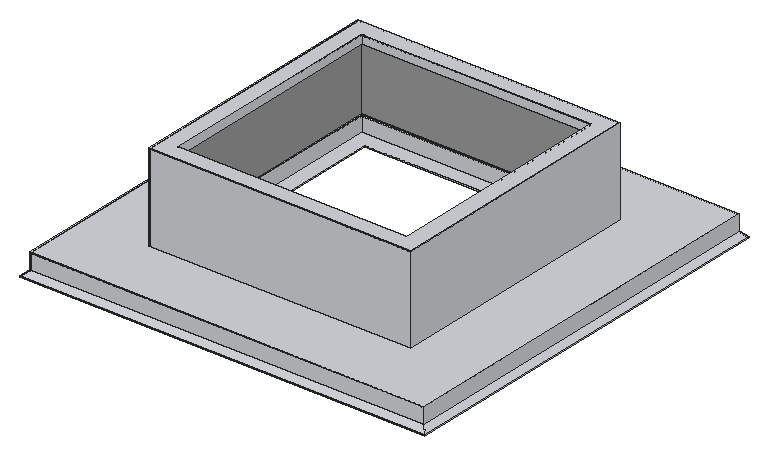
Revit family "FCA-1", category Mechanical Equipment, Revit 2015
Parameters
  URL = "https://unitedenertech.com/catalog/pdf/M_10%20FCA-1.pdf"
  Type Comments = "Consult Factory for Max. Sizes"
  Model = "FCA-1"
  Manufacturer = "United Enertech Corporation"
  Height = 0' - 10"
  Description = "Fan Curb Adapter"
  B Side Curb Top O.D. = 2' - 0"
  B Side Base I.D. = 3' - 0"
  A Side Curb Top O.D. = 2' - 0"
  A Side Base I.D. = 3' - 0"
Reference planes (in)
  plane 1 "Center (Front/Back)": y = 0
  plane 2: z = 0
  plane 3 "Center (Left/Right)": x = 0
  plane 4: x = -12
  plane 5: y = 12
  plane 6: y = -12
  plane 7: x = 12
  plane 8: y = 18
  plane 9: y = -18
  plane 10: x = -18
  plane 11: x = 18
  plane 12: z = 2
  plane 13: z = 10
  plane 14: z = 9.9522
  plane 15: z = 1.9522
  plane 16: z = 0.5
  plane 17: x = -10.5
  plane 18: y = 10.5
  plane 19: y = 18.0478
  plane 20: x = -18.0478
  plane 21: x = 10.5
  plane 22: y = -10.5
  plane 23: x = 18.0478
  plane 24: y = -18.0478
  plane 25: x = -11.9522
  plane 26: x = -10.5478
  plane 27: y = -10.5478
  plane 28: y = -11.9522
  plane 29: x = 11.9522
  plane 30: x = 10.5478
  plane 31: y = 10.5478
  plane 32: y = 11.9522
  plane 33: z = 9.2022
  plane 34: z = 3.4522
  plane 35: x = -10.375
  plane 36: x = -9
  plane 37: y = -10.375
  plane 38: y = -9
  plane 39: x = 10.375
  plane 40: x = 9
  plane 41: z = 2.0772
  plane 42: y = 10.375
  plane 43: y = 9
Forms (in)
  Sweep 1, solid
    path origin (0, 0, 0) x (1, 0, 0) y (0, 1, 0)
      loop
        line (-18.0478, -18.0478) -> (18.0478, -18.0478) -> (18.0478, 18.0478) -> (-18.0478, 18.0478) -> (-18.0478, -18.0478)
    profile origin (0, -18.0478, 0) x (0, 1, 0) y (0, 0, 1)
      loop
        line (-0.5, 0) -> (0, 0.5) -> (0, 0.56629) -> (-0.5, 0.06629) -> (-0.5, 0)
  Extrusion 2, solid
    sketch origin (0, 0, 0) x (1, 0, 0) y (0, 1, 0)
      loop
        line (-18.0478, -18.0478) -> (18.0478, -18.0478) -> (18.0478, 18.0478) -> (-18.0478, 18.0478) -> (-18.0478, -18.0478)
      loop
        line (-18, -18) -> (18, -18) -> (18, 18) -> (-18, 18) -> (-18, -18)
    from 0.5 to 1.9522
  Extrusion 3, solid
    sketch origin (0, 0, 0) x (1, 0, 0) y (0, 1, 0)
      loop
        line (-18.0478, -18.0478) -> (18.0478, -18.0478) -> (18.0478, 18.0478) -> (-18.0478, 18.0478) -> (-18.0478, -18.0478)
      loop
        line (-10.5, -10.5) -> (10.5, -10.5) -> (10.5, 10.5) -> (-10.5, 10.5) -> (-10.5, -10.5)
    from 1.9522 to 2
  Extrusion 4, solid
    sketch origin (0, 0, 0) x (1, 0, 0) y (0, 1, 0)
      loop
        line (-10.5, -10.5) -> (10.5, -10.5) -> (10.5, 10.5) -> (-10.5, 10.5) -> (-10.5, -10.5)
      loop
        line (-9, -9) -> (9, -9) -> (9, 9) -> (-9, 9) -> (-9, -9)
    from 1.9522 to 2.0772
  Extrusion 5, solid
    sketch origin (0, 0, 0) x (1, 0, 0) y (0, 1, 0)
      loop
        line (-10.5, 10.5) -> (-10.5, -10.5) -> (10.5, -10.5) -> (10.5, 10.5) -> (-10.5, 10.5)
      loop
        line (-10.375, 10.375) -> (-10.375, -10.375) -> (10.375, -10.375) -> (10.375, 10.375) -> (-10.375, 10.375)
    from 2.0772 to 3.4522
  Extrusion 6, solid
    sketch origin (0, 0, 0) x (1, 0, 0) y (0, 1, 0)
      loop
        line (-10.5478, -10.5478) -> (10.5478, -10.5478) -> (10.5478, 10.5478) -> (-10.5478, 10.5478) -> (-10.5478, -10.5478)
      loop
        line (-10.5, -10.5) -> (10.5, -10.5) -> (10.5, 10.5) -> (-10.5, 10.5) -> (-10.5, -10.5)
    from 2 to 3.4522
  Extrusion 7, solid
    sketch origin (0, 0, 0) x (1, 0, 0) y (0, 1, 0)
      loop
        line (-10.5478, -10.5478) -> (10.5478, -10.5478) -> (10.5478, 10.5478) -> (-10.5478, 10.5478) -> (-10.5478, -10.5478)
      loop
        line (-10.5, -10.5) -> (10.5, -10.5) -> (10.5, 10.5) -> (-10.5, 10.5) -> (-10.5, -10.5)
    from 9.2022 to 9.9522
  Extrusion 8, solid, material "Rigid insulation"
    sketch origin (0, 0, 0) x (1, 0, 0) y (0, 1, 0)
      loop
        line (-11.9522, -11.9522) -> (11.9522, -11.9522) -> (11.9522, 11.9522) -> (-11.9522, 11.9522) -> (-11.9522, -11.9522)
      loop
        line (-10.5478, -10.5478) -> (10.5478, -10.5478) -> (10.5478, 10.5478) -> (-10.5478, 10.5478) -> (-10.5478, -10.5478)
    from 2 to 9.9522
  Extrusion 9, solid
    sketch origin (0, 0, 0) x (1, 0, 0) y (0, 1, 0)
      loop
        line (-12, -12) -> (12, -12) -> (12, 12) -> (-12, 12) -> (-12, -12)
      loop
        line (-11.9522, -11.9522) -> (11.9522, -11.9522) -> (11.9522, 11.9522) -> (-11.9522, 11.9522) -> (-11.9522, -11.9522)
    from 2 to 9.9522
  Extrusion 10, solid
    sketch origin (0, 0, 0) x (1, 0, 0) y (0, 1, 0)
      loop
        line (-12, -12) -> (12, -12) -> (12, 12) -> (-12, 12) -> (-12, -12)
      loop
        line (-10.5, -10.5) -> (10.5, -10.5) -> (10.5, 10.5) -> (-10.5, 10.5) -> (-10.5, -10.5)
    from 9.9522 to 10
Dimensions and locks (in)
  equal spacing: plane 4, plane 3 "Center (Left/Right)", plane 7
  "A Side Curb Top O.D.": plane 4 to plane 7
  equal spacing: plane 5, plane 1 "Center (Front/Back)", plane 6
  "B Side Curb Top O.D.": plane 5 to plane 6
  equal spacing: plane 8, plane 1 "Center (Front/Back)", plane 9
  "B Side Base I.D.": plane 8 to plane 9
  equal spacing: plane 10, plane 3 "Center (Left/Right)", plane 11
  "A Side Base I.D.": plane 10 to plane 11
  locked: plane 12 to level at 2
  "Height": plane 13 to level
  locked: plane 12 to plane 15 at 0.0478
  locked: plane 13 to plane 14 at 0.0478
  locked: plane 16 to level at 0.5
  locked: plane 4 to plane 17 at 1.5
  locked: plane 21 to plane 7 at 1.5
  locked: plane 5 to plane 18 at 1.5
  locked: plane 22 to plane 6 at 1.5
  locked: plane 20 to plane 10 at 0.0478
  locked: plane 19 to plane 8 at 0.0478
  locked: plane 24 to plane 9 at 0.0478
  locked: plane 11 to plane 23 at 0.0478
  locked: plane 4 to plane 25 at 0.0478
  locked: plane 26 to plane 17 at 0.0478
  locked: plane 21 to plane 30 at 0.0478
  locked: plane 29 to plane 7 at 0.0478
  locked: plane 28 to plane 6 at 0.0478
  locked: plane 22 to plane 27 at 0.0478
  locked: plane 32 to plane 5 at 0.0478
  locked: plane 31 to plane 18 at 0.0478
  locked: plane 14 to plane 33 at 0.75
  locked: plane 15 to plane 34 at 1.5
  locked: plane 17 to plane 35 at 0.125
  locked: plane 35 to plane 36 at 1.375
  locked: plane 39 to plane 21 at 0.125
  locked: plane 40 to plane 39 at 1.375
  locked: plane 41 to plane 15 at 0.125
  locked: plane 22 to plane 37 at 0.125
  locked: plane 38 to plane 37 at 1.375
  locked: plane 42 to plane 18 at 0.125
  locked: plane 43 to plane 42 at 1.375
  aligned and locked: level to plane 2
  aligned and locked: Sweep 1 sketch curve to plane 20
  aligned and locked: plane 19 to Sweep 1 sketch curve
  aligned and locked: Sweep 1 sketch curve to plane 23
  aligned and locked: plane 24 to Sweep 1 sketch curve
  aligned and locked: Extrusion 2 sketch curve to plane 20
  aligned and locked: plane 19 to Extrusion 2 sketch curve
  aligned and locked: Extrusion 2 sketch curve to plane 23
  aligned and locked: plane 24 to Extrusion 2 sketch curve
  aligned and locked: Extrusion 2 sketch curve to plane 9
  aligned and locked: Extrusion 2 sketch curve to plane 11
  aligned and locked: plane 10 to Extrusion 2 sketch curve
  aligned and locked: plane 8 to Extrusion 2 sketch curve
  aligned and locked: Extrusion 2 to plane 16
  aligned and locked: plane 15 to Extrusion 2
  aligned and locked: Extrusion 3 sketch curve to plane 20
  aligned and locked: plane 19 to Extrusion 3 sketch curve
  aligned and locked: Extrusion 3 sketch curve to plane 23
  aligned and locked: plane 24 to Extrusion 3 sketch curve
  aligned and locked: plane 17 to Extrusion 3 sketch curve
  aligned and locked: plane 18 to Extrusion 3 sketch curve
  aligned and locked: plane 21 to Extrusion 3 sketch curve
  aligned and locked: plane 22 to Extrusion 3 sketch curve
  aligned and locked: Extrusion 3 to plane 15
  aligned and locked: plane 12 to Extrusion 3
  aligned and locked: plane 17 to Extrusion 4 sketch curve
  aligned and locked: plane 18 to Extrusion 4 sketch curve
  aligned and locked: plane 21 to Extrusion 4 sketch curve
  aligned and locked: plane 22 to Extrusion 4 sketch curve
  aligned and locked: Extrusion 4 sketch curve to plane 38
  aligned and locked: Extrusion 4 sketch curve to plane 36
  aligned and locked: Extrusion 4 sketch curve to plane 40
  aligned and locked: Extrusion 4 sketch curve to plane 43
  aligned and locked: Extrusion 4 to plane 15
  aligned and locked: Extrusion 4 to plane 41
  aligned and locked: Extrusion 5 sketch curve to plane 17
  aligned and locked: Extrusion 5 sketch curve to plane 18
  aligned and locked: Extrusion 5 sketch curve to plane 22
  aligned and locked: Extrusion 5 sketch curve to plane 21
  aligned and locked: Extrusion 5 sketch curve to plane 39
  aligned and locked: plane 42 to Extrusion 5 sketch curve
  aligned and locked: Extrusion 5 sketch curve to plane 35
  aligned and locked: plane 37 to Extrusion 5 sketch curve
  aligned and locked: plane 41 to Extrusion 5
  aligned and locked: Extrusion 5 to plane 34
  aligned and locked: Extrusion 6 sketch curve to plane 26
  aligned and locked: Extrusion 6 sketch curve to plane 31
  aligned and locked: Extrusion 6 sketch curve to plane 30
  aligned and locked: Extrusion 6 sketch curve to plane 27
  aligned and locked: plane 22 to Extrusion 6 sketch curve
  aligned and locked: plane 17 to Extrusion 6 sketch curve
  aligned and locked: plane 21 to Extrusion 6 sketch curve
  aligned and locked: plane 18 to Extrusion 6 sketch curve
  aligned and locked: Extrusion 6 to plane 12
  aligned and locked: Extrusion 6 to plane 34
  aligned and locked: Extrusion 7 sketch curve to plane 26
  aligned and locked: Extrusion 7 sketch curve to plane 31
  aligned and locked: Extrusion 7 sketch curve to plane 30
  aligned and locked: Extrusion 7 sketch curve to plane 27
  aligned and locked: plane 22 to Extrusion 7 sketch curve
  aligned and locked: plane 17 to Extrusion 7 sketch curve
  aligned and locked: plane 21 to Extrusion 7 sketch curve
  aligned and locked: plane 18 to Extrusion 7 sketch curve
  aligned and locked: plane 14 to Extrusion 7
  aligned and locked: Extrusion 7 to plane 33
  aligned and locked: plane 25 to Extrusion 8 sketch curve
  aligned and locked: Extrusion 8 sketch curve to plane 32
  aligned and locked: plane 29 to Extrusion 8 sketch curve
  aligned and locked: Extrusion 8 sketch curve to plane 28
  aligned and locked: Extrusion 8 sketch curve to plane 27
  aligned and locked: Extrusion 8 sketch curve to plane 26
  aligned and locked: Extrusion 8 sketch curve to plane 31
  aligned and locked: Extrusion 8 sketch curve to plane 30
  aligned and locked: Extrusion 8 to plane 12
  aligned and locked: plane 14 to Extrusion 8
  aligned and locked: plane 4 to Extrusion 9 sketch curve
  aligned and locked: plane 5 to Extrusion 9 sketch curve
  aligned and locked: Extrusion 9 sketch curve to plane 7
  aligned and locked: Extrusion 9 sketch curve to plane 6
  aligned and locked: Extrusion 9 sketch curve to plane 28
  aligned and locked: plane 25 to Extrusion 9 sketch curve
  aligned and locked: Extrusion 9 sketch curve to plane 32
  aligned and locked: plane 29 to Extrusion 9 sketch curve
  aligned and locked: Extrusion 9 to plane 12
  aligned and locked: plane 14 to Extrusion 9
  aligned and locked: plane 4 to Extrusion 10 sketch curve
  aligned and locked: Extrusion 10 sketch curve to plane 6
  aligned and locked: Extrusion 10 sketch curve to plane 7
  aligned and locked: plane 5 to Extrusion 10 sketch curve
  aligned and locked: plane 18 to Extrusion 10 sketch curve
  aligned and locked: plane 21 to Extrusion 10 sketch curve
  aligned and locked: plane 17 to Extrusion 10 sketch curve
  aligned and locked: plane 22 to Extrusion 10 sketch curve
  aligned and locked: Extrusion 10 to plane 14
  aligned and locked: plane 13 to Extrusion 10
Automatic sketch dimensions
  Sweep 1 sketch curve to level = 0' - 0"
  profile plane to Sweep 1 sketch curve = 0' - 0 1/2"
  profile plane to Sweep 1 sketch curve = 0' - 0"
  level to Sweep 1 sketch curve = 0' - 0.06629"
  level to Sweep 1 sketch curve = 0' - 0 1/2"
  Sweep 1 sketch curve to Sweep 1 sketch curve = 0' - 0.06629"
